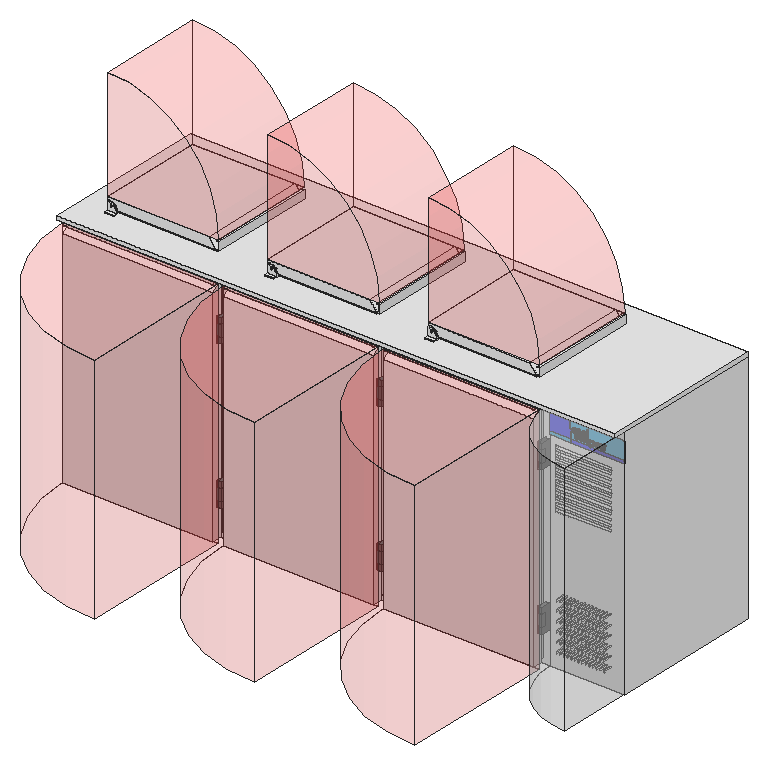
Revit family "QF_Cool-Compact_Abfallkuehler_3x120L_ZK", category Sonderausstattung, Revit 2020
Family settings
  Bemaßung runder Anschluss = Durchmesser verwenden
  Teiletyp = Normal
  OmniClass-Nummer = 23.70.30.21.11
  OmniClass-Titel = Complete Solid Waste Removal Systems
  Arbeitsebenenbasiert = Nein
  Immer vertikal = Ja
  Beim Laden mit Abzugskörper schneiden = Nein
  Gemeinsam genutzt = Nein
  Raumberechnungspunkt = Nein
Parameters (values of type "1NAC / 230 V / 50 Hz")
  Zuleitung zum Gerät im Lieferumfang = yes
  Vorgabe-Ansicht = 0 mm
  URL = "https://www.coolcompact.de/"
  Tiefe = 720 mm
  Stecker System = "Schuko / T13"
  Spannung = 230 V
  Phasen = 1
  Notwendige Abstände anzeigen [instance] = yes
  Modell = "AKO031200"
  Länge Gerätebreite = 2400 mm
  Logo anzeigen [instance] = yes
  Kälteleistung = 322 W
  Kälte Verdampfungstemperatur = -15 °C
  Kälte Tauwasserablauf = yes
  Kälte Klimaklasse = "5"
  Kälte Abmessung Saugleitung = 8 mm
  Kälte Abmessung Flüssigkeitsleitung = 6 mm
  Indirekter Abwasserstrom = 0.0 L/s
  Indirekte Ablaufanschlussgröße = 19.1 mm
  Höhe = 1030 mm
  Hersteller = "Cool Compact"
  Gewicht = 185.00 kg
  Frequenz = 50 Hz
  Watt Leistung = 120 W
  Datenschnittstelle Beschreibung = "RS 485"
  Datenschnittstelle = yes
  CE Kennzeichnung = yes
  Beschreibung = "Konfiskatkühler (3 x 120 Liter), zentralgekühlt"
  Assembly Code = ""
  Keynote = ""
  Anzahl der Pole = 1
  Abwassertemperatur = 5 °C
Reference planes
  plane 1 "Hinten": y = 0
  plane 2 "Unten": z = 0
  plane 3 "Links": x = 0
  plane 4 "Vorne": y = -720
  plane 5 "Oben": z = 1030
  plane 6 "Rechts": x = 2400
  plane 7 "Mitte (Vorne/hinten)": y = -360
  plane 8 "Mitte (Links/rechts)": x = 1200
Forms (mm)
  Extrusion 1, solid
    sketch origin (0, 140.974, 0) x (1, 0, 0) y (0, 1, 0)
      loop
        line (0, -860.974) -> (2400, -860.974) -> (2400, -140.974) -> (0, -140.974) -> (0, -860.974)
    from 1014 to 1030
  Extrusion 2, solid, material "QF_Plastic-Royal Blue-Matte", visible <- "Logo anzeigen", detail levels fine
    sketch origin (2226.68, -666, 3961.9) x (-1, 0, 0) y (0, 0, 1)
      loop
        line (-173.32, -2980) -> (-173.32, -3056.995) -> (-29.837, -3056.995) -> (-29.837, -3046.791)
        spline (-29.837, -3046.791) -> (-30.186, -3047.048) -> (-30.544, -3047.282) -> (-30.909, -3047.494) -> (-31.283, -3047.683) -> (-31.665, -3047.849) -> (-32.055, -3047.993) -> (-32.455, -3048.115) -> (-32.863, -3048.214) -> (-33.28, -3048.291) -> (-33.707, -3048.346) -> (-34.144, -3048.379) -> (-34.59, -3048.39)
        spline (-34.59, -3048.39) -> (-35.779, -3048.31) -> (-36.911, -3048.077) -> (-37.975, -3047.7) -> (-38.964, -3047.187) -> (-39.868, -3046.548) -> (-40.68, -3045.792) -> (-41.391, -3044.929) -> (-41.991, -3043.967) -> (-42.473, -3042.915) -> (-42.828, -3041.783) -> (-43.047, -3040.58) -> (-43.122, -3039.314)
        spline (-43.122, -3039.314) -> (-43.049, -3037.971) -> (-42.835, -3036.699) -> (-42.487, -3035.507) -> (-42.014, -3034.404) -> (-41.422, -3033.398) -> (-40.721, -3032.499) -> (-39.916, -3031.714) -> (-39.018, -3031.053) -> (-38.032, -3030.523) -> (-36.966, -3030.134) -> (-35.829, -3029.895) -> (-34.628, -3029.813)
        spline (-34.628, -3029.813) -> (-34.163, -3029.823) -> (-33.712, -3029.854) -> (-33.274, -3029.906) -> (-32.848, -3029.98) -> (-32.434, -3030.075) -> (-32.032, -3030.191) -> (-31.641, -3030.329) -> (-31.261, -3030.489) -> (-30.891, -3030.672) -> (-30.53, -3030.876) -> (-30.179, -3031.104) -> (-29.837, -3031.354)
        line (-29.837, -3031.354) -> (-29.837, -3030.2) -> (-25.437, -3030.2) -> (-25.437, -3056.995) -> (58.738, -3056.995)
        arc (58.738, -3056.995) -> (61.207, -3018.528) -> (62.398, -2980) r 1161.123
        line (62.398, -2980) -> (-173.32, -2980)
      loop
        spline (43.108, -3007.333) -> (42.605, -3007.343) -> (42.121, -3007.374) -> (41.652, -3007.426) -> (41.195, -3007.5) -> (40.749, -3007.597) -> (40.31, -3007.717) -> (39.877, -3007.862) -> (39.446, -3008.032) -> (39.016, -3008.227) -> (38.584, -3008.449) -> (38.147, -3008.698) -> (37.704, -3008.976)
        line (37.704, -3008.976) -> (38.75, -3013.854)
        spline (38.75, -3013.854) -> (39.151, -3013.43) -> (39.534, -3013.055) -> (39.901, -3012.726) -> (40.257, -3012.441) -> (40.607, -3012.199) -> (40.954, -3011.995) -> (41.303, -3011.829) -> (41.658, -3011.699) -> (42.023, -3011.601) -> (42.403, -3011.534) -> (42.801, -3011.495) -> (43.222, -3011.483)
        spline (43.222, -3011.483) -> (43.897, -3011.528) -> (44.539, -3011.659) -> (45.142, -3011.872) -> (45.703, -3012.16) -> (46.216, -3012.52) -> (46.677, -3012.946) -> (47.079, -3013.432) -> (47.42, -3013.974) -> (47.693, -3014.566) -> (47.895, -3015.203) -> (48.019, -3015.881) -> (48.061, -3016.594)
        spline (48.061, -3016.594) -> (48.019, -3017.296) -> (47.896, -3017.968) -> (47.696, -3018.602) -> (47.426, -3019.193) -> (47.09, -3019.736) -> (46.694, -3020.224) -> (46.242, -3020.653) -> (45.741, -3021.017) -> (45.194, -3021.309) -> (44.609, -3021.525) -> (43.988, -3021.659) -> (43.339, -3021.705)
        spline (43.339, -3021.705) -> (42.883, -3021.692) -> (42.455, -3021.652) -> (42.051, -3021.583) -> (41.664, -3021.481) -> (41.291, -3021.344) -> (40.926, -3021.17) -> (40.565, -3020.956) -> (40.202, -3020.698) -> (39.834, -3020.396) -> (39.454, -3020.045) -> (39.058, -3019.644) -> (38.641, -3019.189)
        line (38.641, -3019.189) -> (37.599, -3024.064)
        spline (37.599, -3024.064) -> (38.113, -3024.377) -> (38.604, -3024.655) -> (39.076, -3024.901) -> (39.535, -3025.116) -> (39.983, -3025.3) -> (40.425, -3025.455) -> (40.865, -3025.582) -> (41.308, -3025.684) -> (41.757, -3025.761) -> (42.217, -3025.814) -> (42.691, -3025.844) -> (43.185, -3025.854)
        spline (43.185, -3025.854) -> (44.468, -3025.772) -> (45.694, -3025.53) -> (46.852, -3025.141) -> (47.932, -3024.613) -> (48.924, -3023.957) -> (49.816, -3023.183) -> (50.6, -3022.301) -> (51.264, -3021.322) -> (51.799, -3020.255) -> (52.193, -3019.111) -> (52.438, -3017.901) -> (52.521, -3016.633)
        spline (52.521, -3016.633) -> (52.439, -3015.336) -> (52.197, -3014.103) -> (51.805, -3012.943) -> (51.273, -3011.866) -> (50.611, -3010.88) -> (49.827, -3009.995) -> (48.931, -3009.221) -> (47.933, -3008.566) -> (46.842, -3008.041) -> (45.668, -3007.654) -> (44.42, -3007.415) -> (43.108, -3007.333)
      loop
        spline (31.356, -3029.852) -> (30.854, -3029.862) -> (30.369, -3029.892) -> (29.9, -3029.944) -> (29.444, -3030.018) -> (28.998, -3030.115) -> (28.559, -3030.235) -> (28.126, -3030.38) -> (27.696, -3030.549) -> (27.266, -3030.745) -> (26.834, -3030.967) -> (26.398, -3031.216) -> (25.955, -3031.494)
        line (25.955, -3031.494) -> (27.005, -3036.387)
        spline (27.005, -3036.387) -> (27.406, -3035.963) -> (27.788, -3035.588) -> (28.155, -3035.26) -> (28.511, -3034.975) -> (28.86, -3034.733) -> (29.207, -3034.53) -> (29.555, -3034.364) -> (29.91, -3034.234) -> (30.275, -3034.136) -> (30.654, -3034.069) -> (31.051, -3034.03) -> (31.471, -3034.018)
        spline (31.471, -3034.018) -> (32.145, -3034.063) -> (32.785, -3034.194) -> (33.388, -3034.406) -> (33.948, -3034.694) -> (34.46, -3035.054) -> (34.919, -3035.478) -> (35.322, -3035.964) -> (35.662, -3036.505) -> (35.934, -3037.096) -> (36.135, -3037.732) -> (36.26, -3038.409) -> (36.302, -3039.121)
        spline (36.302, -3039.121) -> (36.26, -3039.822) -> (36.136, -3040.492) -> (35.937, -3041.125) -> (35.667, -3041.715) -> (35.332, -3042.257) -> (34.936, -3042.744) -> (34.486, -3043.173) -> (33.985, -3043.536) -> (33.44, -3043.828) -> (32.855, -3044.043) -> (32.236, -3044.177) -> (31.588, -3044.223)
        spline (31.588, -3044.223) -> (31.133, -3044.21) -> (30.706, -3044.17) -> (30.302, -3044.101) -> (29.916, -3043.999) -> (29.543, -3043.863) -> (29.179, -3043.689) -> (28.818, -3043.475) -> (28.456, -3043.218) -> (28.088, -3042.916) -> (27.709, -3042.566) -> (27.314, -3042.165) -> (26.898, -3041.711)
        line (26.898, -3041.711) -> (25.852, -3046.601)
        spline (25.852, -3046.601) -> (26.365, -3046.914) -> (26.856, -3047.192) -> (27.328, -3047.438) -> (27.786, -3047.652) -> (28.233, -3047.836) -> (28.675, -3047.991) -> (29.115, -3048.118) -> (29.557, -3048.22) -> (30.006, -3048.296) -> (30.466, -3048.349) -> (30.94, -3048.38) -> (31.433, -3048.39)
        spline (31.433, -3048.39) -> (32.718, -3048.307) -> (33.945, -3048.066) -> (35.105, -3047.676) -> (36.186, -3047.147) -> (37.178, -3046.49) -> (38.072, -3045.716) -> (38.856, -3044.833) -> (39.521, -3043.853) -> (40.056, -3042.785) -> (40.451, -3041.64) -> (40.695, -3040.429) -> (40.779, -3039.16)
        spline (40.779, -3039.16) -> (40.696, -3037.862) -> (40.454, -3036.628) -> (40.062, -3035.467) -> (39.53, -3034.388) -> (38.867, -3033.402) -> (38.082, -3032.516) -> (37.185, -3031.741) -> (36.186, -3031.086) -> (35.095, -3030.56) -> (33.919, -3030.173) -> (32.67, -3029.933) -> (31.356, -3029.852)
      loop
        line (-13.25, -3047.925) -> (-8.85, -3047.925) -> (-8.85, -3037.572)
        spline (-8.85, -3037.572) -> (-8.819, -3036.747) -> (-8.732, -3036.058) -> (-8.598, -3035.495) -> (-8.425, -3035.044) -> (-8.224, -3034.692) -> (-8.003, -3034.428) -> (-7.772, -3034.239) -> (-7.538, -3034.112) -> (-7.312, -3034.035) -> (-7.103, -3033.996) -> (-6.919, -3033.981) -> (-6.77, -3033.979)
        spline (-6.77, -3033.979) -> (-6.526, -3033.989) -> (-6.289, -3034.019) -> (-6.059, -3034.069) -> (-5.837, -3034.137) -> (-5.626, -3034.222) -> (-5.426, -3034.325) -> (-5.238, -3034.445) -> (-5.064, -3034.58) -> (-4.904, -3034.731) -> (-4.761, -3034.896) -> (-4.634, -3035.075) -> (-4.525, -3035.267)
        line (-4.525, -3035.267) -> (-4.032, -3038.346) -> (-4.032, -3047.925) -> (0.367, -3047.925) -> (0.367, -3030.2) -> (-4.032, -3030.2) -> (-4.032, -3031.183)
        arc (-4.032, -3031.183) -> (-7.959, -3029.818) -> (-11.613, -3031.801) r 5.147
        spline (-11.613, -3031.801) -> (-11.907, -3031.488) -> (-12.22, -3031.201) -> (-12.551, -3030.94) -> (-12.9, -3030.706) -> (-13.268, -3030.498) -> (-13.652, -3030.318) -> (-14.054, -3030.165) -> (-14.471, -3030.038) -> (-14.905, -3029.94) -> (-15.355, -3029.869) -> (-15.819, -3029.827) -> (-16.298, -3029.813)
        spline (-16.298, -3029.813) -> (-16.829, -3029.832) -> (-17.347, -3029.891) -> (-17.85, -3029.987) -> (-18.335, -3030.12) -> (-18.8, -3030.288) -> (-19.244, -3030.49) -> (-19.665, -3030.726) -> (-20.059, -3030.994) -> (-20.425, -3031.293) -> (-20.761, -3031.623) -> (-21.065, -3031.981) -> (-21.335, -3032.367)
        spline (-21.335, -3032.367) -> (-21.507, -3032.665) -> (-21.661, -3032.97) -> (-21.799, -3033.285) -> (-21.92, -3033.612) -> (-22.025, -3033.954) -> (-22.115, -3034.311) -> (-22.189, -3034.687) -> (-22.249, -3035.083) -> (-22.295, -3035.501) -> (-22.327, -3035.944) -> (-22.346, -3036.414) -> (-22.352, -3036.912)
        line (-22.352, -3036.912) -> (-22.352, -3047.925) -> (-17.954, -3047.925) -> (-17.954, -3037.338)
        spline (-17.954, -3037.338) -> (-17.935, -3036.62) -> (-17.879, -3036.011) -> (-17.789, -3035.503) -> (-17.668, -3035.087) -> (-17.517, -3034.754) -> (-17.341, -3034.494) -> (-17.14, -3034.299) -> (-16.919, -3034.16) -> (-16.679, -3034.067) -> (-16.423, -3034.012) -> (-16.154, -3033.986) -> (-15.874, -3033.979)
        spline (-15.874, -3033.979) -> (-15.55, -3033.991) -> (-15.229, -3034.033) -> (-14.916, -3034.115) -> (-14.617, -3034.246) -> (-14.335, -3034.436) -> (-14.076, -3034.693) -> (-13.843, -3035.028) -> (-13.642, -3035.45) -> (-13.478, -3035.967) -> (-13.355, -3036.591) -> (-13.277, -3037.329) -> (-13.25, -3038.191)
        line (-13.25, -3038.191) -> (-13.25, -3047.925)
      loop
        spline (-29.643, -3039.237) -> (-29.681, -3038.483) -> (-29.794, -3037.773) -> (-29.978, -3037.11) -> (-30.228, -3036.498) -> (-30.542, -3035.943) -> (-30.916, -3035.447) -> (-31.345, -3035.017) -> (-31.827, -3034.655) -> (-32.358, -3034.365) -> (-32.933, -3034.154) -> (-33.549, -3034.024) -> (-34.203, -3033.979)
        spline (-34.203, -3033.979) -> (-34.84, -3034.024) -> (-35.44, -3034.155) -> (-36.001, -3034.368) -> (-36.517, -3034.659) -> (-36.987, -3035.024) -> (-37.405, -3035.458) -> (-37.769, -3035.957) -> (-38.075, -3036.516) -> (-38.319, -3037.132) -> (-38.498, -3037.8) -> (-38.608, -3038.516) -> (-38.646, -3039.275)
        spline (-38.646, -3039.275) -> (-38.606, -3039.955) -> (-38.491, -3040.605) -> (-38.305, -3041.218) -> (-38.053, -3041.791) -> (-37.739, -3042.316) -> (-37.37, -3042.789) -> (-36.949, -3043.204) -> (-36.481, -3043.556) -> (-35.972, -3043.84) -> (-35.425, -3044.049) -> (-34.847, -3044.178) -> (-34.241, -3044.223)
        spline (-34.241, -3044.223) -> (-33.591, -3044.18) -> (-32.976, -3044.054) -> (-32.399, -3043.85) -> (-31.865, -3043.572) -> (-31.378, -3043.225) -> (-30.943, -3042.813) -> (-30.563, -3042.341) -> (-30.243, -3041.813) -> (-29.987, -3041.235) -> (-29.798, -3040.609) -> (-29.682, -3039.942) -> (-29.643, -3039.237)
      loop
        line (-16.436, -3025.538) -> (-12.038, -3025.538) -> (-12.038, -2995.65) -> (-16.436, -2995.65) -> (-16.436, -3025.538)
      loop
        line (-63.114, -3047.925) -> (-58.715, -3047.925) -> (-58.715, -3046.834)
        spline (-58.715, -3046.834) -> (-58.375, -3047.087) -> (-58.026, -3047.317) -> (-57.669, -3047.523) -> (-57.301, -3047.707) -> (-56.924, -3047.869) -> (-56.536, -3048.009) -> (-56.137, -3048.126) -> (-55.727, -3048.222) -> (-55.305, -3048.296) -> (-54.87, -3048.348) -> (-54.422, -3048.38) -> (-53.961, -3048.39)
        spline (-53.961, -3048.39) -> (-52.772, -3048.308) -> (-51.64, -3048.068) -> (-50.576, -3047.679) -> (-49.588, -3047.151) -> (-48.683, -3046.493) -> (-47.871, -3045.715) -> (-47.161, -3044.826) -> (-46.56, -3043.835) -> (-46.078, -3042.752) -> (-45.724, -3041.586) -> (-45.504, -3040.346) -> (-45.429, -3039.043)
        spline (-45.429, -3039.043) -> (-45.503, -3037.738) -> (-45.718, -3036.502) -> (-46.067, -3035.345) -> (-46.543, -3034.273) -> (-47.137, -3033.296) -> (-47.841, -3032.422) -> (-48.649, -3031.66) -> (-49.552, -3031.017) -> (-50.543, -3030.503) -> (-51.613, -3030.125) -> (-52.755, -3029.892) -> (-53.961, -3029.813)
        spline (-53.961, -3029.813) -> (-54.417, -3029.823) -> (-54.861, -3029.855) -> (-55.292, -3029.907) -> (-55.712, -3029.981) -> (-56.121, -3030.077) -> (-56.519, -3030.195) -> (-56.907, -3030.334) -> (-57.286, -3030.496) -> (-57.655, -3030.681) -> (-58.017, -3030.888) -> (-58.37, -3031.118) -> (-58.715, -3031.371)
        line (-58.715, -3031.371) -> (-58.715, -3030.2) -> (-63.114, -3030.2) -> (-63.114, -3047.925)
      loop
        spline (-69.9, -3039.121) -> (-69.942, -3039.822) -> (-70.066, -3040.492) -> (-70.265, -3041.125) -> (-70.535, -3041.715) -> (-70.87, -3042.257) -> (-71.266, -3042.744) -> (-71.717, -3043.173) -> (-72.218, -3043.536) -> (-72.763, -3043.828) -> (-73.348, -3044.043) -> (-73.967, -3044.177) -> (-74.615, -3044.223)
        spline (-74.615, -3044.223) -> (-75.07, -3044.21) -> (-75.498, -3044.17) -> (-75.902, -3044.101) -> (-76.288, -3043.999) -> (-76.661, -3043.863) -> (-77.025, -3043.689) -> (-77.386, -3043.475) -> (-77.748, -3043.218) -> (-78.116, -3042.916) -> (-78.495, -3042.566) -> (-78.89, -3042.165) -> (-79.305, -3041.711)
        line (-79.305, -3041.711) -> (-80.363, -3046.597)
        spline (-80.363, -3046.597) -> (-79.848, -3046.91) -> (-79.356, -3047.19) -> (-78.882, -3047.436) -> (-78.423, -3047.65) -> (-77.975, -3047.835) -> (-77.532, -3047.99) -> (-77.091, -3048.118) -> (-76.648, -3048.219) -> (-76.198, -3048.296) -> (-75.738, -3048.349) -> (-75.263, -3048.38) -> (-74.769, -3048.39)
        spline (-74.769, -3048.39) -> (-73.484, -3048.307) -> (-72.257, -3048.066) -> (-71.098, -3047.676) -> (-70.017, -3047.147) -> (-69.025, -3046.49) -> (-68.131, -3045.716) -> (-67.347, -3044.833) -> (-66.682, -3043.853) -> (-66.147, -3042.785) -> (-65.752, -3041.64) -> (-65.507, -3040.429) -> (-65.424, -3039.16)
        spline (-65.424, -3039.16) -> (-65.506, -3037.862) -> (-65.749, -3036.628) -> (-66.141, -3035.467) -> (-66.673, -3034.388) -> (-67.336, -3033.402) -> (-68.121, -3032.516) -> (-69.017, -3031.741) -> (-70.016, -3031.086) -> (-71.108, -3030.56) -> (-72.284, -3030.173) -> (-73.533, -3029.933) -> (-74.847, -3029.852)
        spline (-74.847, -3029.852) -> (-75.35, -3029.862) -> (-75.835, -3029.892) -> (-76.304, -3029.944) -> (-76.762, -3030.018) -> (-77.208, -3030.115) -> (-77.647, -3030.236) -> (-78.081, -3030.38) -> (-78.512, -3030.55) -> (-78.942, -3030.746) -> (-79.375, -3030.968) -> (-79.812, -3031.218) -> (-80.256, -3031.496)
        line (-80.256, -3031.496) -> (-79.199, -3036.387)
        spline (-79.199, -3036.387) -> (-78.798, -3035.963) -> (-78.415, -3035.588) -> (-78.048, -3035.26) -> (-77.692, -3034.975) -> (-77.343, -3034.733) -> (-76.996, -3034.53) -> (-76.647, -3034.364) -> (-76.293, -3034.234) -> (-75.928, -3034.136) -> (-75.549, -3034.069) -> (-75.152, -3034.03) -> (-74.731, -3034.018)
        spline (-74.731, -3034.018) -> (-74.058, -3034.063) -> (-73.417, -3034.194) -> (-72.814, -3034.406) -> (-72.255, -3034.694) -> (-71.742, -3035.054) -> (-71.283, -3035.478) -> (-70.881, -3035.964) -> (-70.541, -3036.505) -> (-70.268, -3037.096) -> (-70.067, -3037.732) -> (-69.943, -3038.409) -> (-69.9, -3039.121)
      loop
        spline (-49.905, -3038.927) -> (-49.945, -3038.247) -> (-50.06, -3037.597) -> (-50.246, -3036.983) -> (-50.499, -3036.411) -> (-50.812, -3035.886) -> (-51.182, -3035.413) -> (-51.603, -3034.998) -> (-52.071, -3034.646) -> (-52.58, -3034.363) -> (-53.127, -3034.153) -> (-53.705, -3034.024) -> (-54.311, -3033.98)
        spline (-54.311, -3033.98) -> (-54.97, -3034.022) -> (-55.591, -3034.145) -> (-56.171, -3034.346) -> (-56.706, -3034.62) -> (-57.192, -3034.963) -> (-57.625, -3035.372) -> (-58.001, -3035.841) -> (-58.318, -3036.368) -> (-58.57, -3036.948) -> (-58.756, -3037.577) -> (-58.869, -3038.251) -> (-58.908, -3038.965)
        spline (-58.908, -3038.965) -> (-58.871, -3039.74) -> (-58.763, -3040.464) -> (-58.585, -3041.134) -> (-58.342, -3041.748) -> (-58.035, -3042.302) -> (-57.667, -3042.792) -> (-57.242, -3043.215) -> (-56.762, -3043.569) -> (-56.23, -3043.85) -> (-55.649, -3044.055) -> (-55.021, -3044.18) -> (-54.349, -3044.222)
        spline (-54.349, -3044.222) -> (-53.721, -3044.177) -> (-53.126, -3044.043) -> (-52.568, -3043.827) -> (-52.052, -3043.531) -> (-51.582, -3043.163) -> (-51.161, -3042.725) -> (-50.794, -3042.224) -> (-50.485, -3041.664) -> (-50.237, -3041.049) -> (-50.056, -3040.384) -> (-49.944, -3039.675) -> (-49.905, -3038.927)
      loop
        line (-89.34, -3024.389) -> (-89.34, -3030.201) -> (-92.207, -3030.201) -> (-92.207, -3034.405) -> (-89.34, -3034.405) -> (-89.34, -3047.925) -> (-84.941, -3047.925) -> (-84.941, -3034.405) -> (-83.276, -3034.405) -> (-83.276, -3030.201) -> (-84.941, -3030.201) -> (-84.941, -3024.389) -> (-89.34, -3024.389)
      loop
        line (-0.47, -3016.17) -> (-4.085, -3018.216) -> (-7.468, -3016.556) -> (-8.42, -3017.907) -> (-5.826, -3019.178) -> (-8.549, -3020.718) -> (-7.462, -3022.348) -> (-4.845, -3020.794) -> (-4.959, -3023.833) -> (-3.404, -3023.315) -> (-3.131, -3019.74) -> (0.289, -3017.703) -> (0.289, -3021.729) -> (-2.873, -3023.815) -> (-2.217, -3025.325) -> (0.279, -3023.69) -> (0.224, -3026.839) -> (2.028, -3026.839) -> (1.974, -3023.69) -> (4.47, -3025.326) -> (5.123, -3023.815) -> (1.964, -3021.729) -> (1.964, -3017.705) -> (5.355, -3019.74) -> (5.657, -3023.317) -> (7.21, -3023.833) -> (7.096, -3020.794) -> (9.72, -3022.352) -> (10.765, -3020.714) -> (8.051, -3019.179) -> (10.674, -3017.908) -> (9.721, -3016.556) -> (6.337, -3018.216) -> (2.724, -3016.17) -> (6.338, -3014.147) -> (9.723, -3015.779) -> (10.675, -3014.423) -> (8.052, -3013.18) -> (10.767, -3011.616) -> (9.717, -3010.015) -> (7.096, -3011.572) -> (7.21, -3008.502) -> (5.657, -3009.019) -> (5.355, -3012.625) -> (1.964, -3014.66) -> (1.964, -3010.634) -> (5.123, -3008.518) -> (4.47, -3007.01) -> (1.974, -3008.646) -> (2.028, -3005.497) -> (0.224, -3005.497) -> (0.279, -3008.646) -> (-2.217, -3007.01) -> (-2.872, -3008.518) -> (0.289, -3010.634) -> (0.289, -3014.661) -> (-3.131, -3012.625) -> (-3.404, -3009.02) -> (-4.959, -3008.502) -> (-4.845, -3011.572) -> (-7.459, -3010.018) -> (-8.553, -3011.612) -> (-5.826, -3013.182) -> (-8.424, -3014.425) -> (-7.471, -3015.779) -> (-4.085, -3014.147) -> (-0.47, -3016.17)
      loop
        line (13.639, -3031.033) -> (13.695, -3027.883) -> (11.889, -3027.883) -> (11.943, -3031.033) -> (9.448, -3029.398) -> (8.793, -3030.904) -> (11.955, -3033.02) -> (11.955, -3037.048) -> (8.534, -3035.011) -> (8.263, -3031.406) -> (6.707, -3030.887) -> (6.823, -3033.957) -> (4.208, -3032.406) -> (3.115, -3033.999) -> (5.84, -3035.568) -> (3.243, -3036.812) -> (4.196, -3038.164) -> (7.58, -3036.534) -> (11.193, -3038.556) -> (7.58, -3040.603) -> (4.196, -3038.941) -> (3.246, -3040.295) -> (5.84, -3041.564) -> (3.117, -3043.105) -> (4.203, -3044.735) -> (6.82, -3043.18) -> (6.707, -3046.219) -> (8.263, -3045.703) -> (8.534, -3042.127) -> (11.955, -3040.09) -> (11.955, -3044.116) -> (8.793, -3046.202) -> (9.448, -3047.712) -> (11.943, -3046.075) -> (11.889, -3049.225) -> (13.695, -3049.225) -> (13.639, -3046.075) -> (16.136, -3047.712) -> (16.788, -3046.202) -> (13.629, -3044.116) -> (13.629, -3040.092) -> (17.021, -3042.127) -> (17.324, -3045.703) -> (18.875, -3046.219) -> (18.763, -3043.18) -> (21.386, -3044.739) -> (22.43, -3043.101) -> (19.717, -3041.565) -> (22.339, -3040.295) -> (21.387, -3038.941) -> (18.002, -3040.603) -> (14.39, -3038.556) -> (18.003, -3036.534) -> (21.388, -3038.164) -> (22.342, -3036.81) -> (19.717, -3035.567) -> (22.433, -3034.002) -> (21.381, -3032.402) -> (18.763, -3033.957) -> (18.875, -3030.887) -> (17.324, -3031.406) -> (17.021, -3035.011) -> (13.629, -3037.046) -> (13.629, -3033.02) -> (16.788, -3030.904) -> (16.136, -3029.398) -> (13.639, -3031.033)
      loop
        line (25.295, -3021.729) -> (25.295, -3017.704) -> (28.686, -3019.74) -> (28.991, -3023.317) -> (30.542, -3023.833) -> (30.428, -3020.794) -> (33.051, -3022.352) -> (34.098, -3020.715) -> (31.383, -3019.18) -> (34.005, -3017.908) -> (33.052, -3016.556) -> (29.668, -3018.216) -> (26.055, -3016.17) -> (29.668, -3014.147) -> (33.055, -3015.779) -> (34.007, -3014.424) -> (31.384, -3013.18) -> (34.099, -3011.616) -> (33.047, -3010.015) -> (30.427, -3011.572) -> (30.542, -3008.502) -> (28.99, -3009.02) -> (28.686, -3012.625) -> (25.295, -3014.66) -> (25.295, -3010.634) -> (28.454, -3008.517) -> (27.802, -3007.01) -> (25.305, -3008.646) -> (25.361, -3005.497) -> (23.555, -3005.497) -> (23.609, -3008.646) -> (21.113, -3007.01) -> (20.46, -3008.517) -> (23.621, -3010.634) -> (23.621, -3014.661) -> (20.201, -3012.625) -> (19.927, -3009.02) -> (18.374, -3008.502) -> (18.486, -3011.572) -> (15.874, -3010.018) -> (14.779, -3011.612) -> (17.506, -3013.182) -> (14.909, -3014.424) -> (15.863, -3015.779) -> (19.245, -3014.147) -> (22.861, -3016.17) -> (19.245, -3018.216) -> (15.864, -3016.556) -> (14.911, -3017.907) -> (17.506, -3019.178) -> (14.782, -3020.718) -> (15.869, -3022.349) -> (18.486, -3020.794) -> (18.374, -3023.833) -> (19.927, -3023.315) -> (20.201, -3019.74) -> (23.621, -3017.703) -> (23.621, -3021.729) -> (20.46, -3023.815) -> (21.113, -3025.326) -> (23.609, -3023.69) -> (23.555, -3026.839) -> (25.361, -3026.839) -> (25.305, -3023.69) -> (27.803, -3025.326) -> (28.456, -3023.815) -> (25.295, -3021.729)
    from 0 to 1
  Extrusion 3, solid, material "QF_Plastic-Blue", visible <- "Logo anzeigen", detail levels fine
    sketch origin (2226.68, -666, 3961.9) x (-1, 0, 0) y (0, 0, 1)
      loop
        line (58.738, -3056.995) -> (-173.32, -3056.995) -> (-173.32, -3068.586) -> (57.742, -3068.586)
        arc (57.742, -3068.586) -> (58.254, -3062.791) -> (58.738, -3056.995) r 1161.123
    from 0 to 1
  Extrusion 4, solid, material "QF_Plastic-Blue", visible <- "Logo anzeigen", detail levels fine
    sketch origin (2226.68, -666, 3961.9) x (1, 0, 0) y (0, 0, 1)
      loop
        line (-62.398, -2980) -> (-146.68, -2980) -> (-146.68, -3056.995) -> (-58.738, -3056.995)
        arc (-58.738, -3056.995) -> (-61.207, -3018.528) -> (-62.398, -2980) r 1161.123
    from -1 to 0
  Extrusion 5, solid, material "QF_Plastic-Opaque White", visible <- "Logo anzeigen", detail levels fine
    sketch origin (2226.68, -666, 3961.9) x (-1, 0, 0) y (0, 0, 1)
      loop
        line (37.704, -3008.976) -> (38.75, -3013.854)
        spline (38.75, -3013.854) -> (39.151, -3013.43) -> (39.534, -3013.055) -> (39.901, -3012.726) -> (40.257, -3012.441) -> (40.607, -3012.199) -> (40.954, -3011.995) -> (41.303, -3011.829) -> (41.658, -3011.699) -> (42.023, -3011.601) -> (42.403, -3011.534) -> (42.801, -3011.495) -> (43.222, -3011.483)
        spline (43.222, -3011.483) -> (43.897, -3011.528) -> (44.539, -3011.659) -> (45.142, -3011.872) -> (45.703, -3012.16) -> (46.216, -3012.52) -> (46.677, -3012.946) -> (47.079, -3013.432) -> (47.42, -3013.974) -> (47.693, -3014.566) -> (47.895, -3015.203) -> (48.019, -3015.881) -> (48.061, -3016.594)
        spline (48.061, -3016.594) -> (48.019, -3017.296) -> (47.896, -3017.968) -> (47.696, -3018.602) -> (47.426, -3019.193) -> (47.09, -3019.736) -> (46.694, -3020.224) -> (46.242, -3020.653) -> (45.741, -3021.017) -> (45.194, -3021.309) -> (44.609, -3021.525) -> (43.988, -3021.659) -> (43.339, -3021.705)
        spline (43.339, -3021.705) -> (42.883, -3021.692) -> (42.455, -3021.652) -> (42.051, -3021.583) -> (41.664, -3021.481) -> (41.291, -3021.344) -> (40.926, -3021.17) -> (40.565, -3020.956) -> (40.202, -3020.698) -> (39.834, -3020.396) -> (39.454, -3020.045) -> (39.058, -3019.644) -> (38.641, -3019.189)
        line (38.641, -3019.189) -> (37.599, -3024.064)
        spline (37.599, -3024.064) -> (38.113, -3024.377) -> (38.604, -3024.655) -> (39.076, -3024.901) -> (39.535, -3025.116) -> (39.983, -3025.3) -> (40.425, -3025.455) -> (40.865, -3025.582) -> (41.308, -3025.684) -> (41.757, -3025.761) -> (42.217, -3025.814) -> (42.691, -3025.844) -> (43.185, -3025.854)
        spline (43.185, -3025.854) -> (44.468, -3025.772) -> (45.694, -3025.53) -> (46.852, -3025.141) -> (47.932, -3024.613) -> (48.924, -3023.957) -> (49.816, -3023.183) -> (50.6, -3022.301) -> (51.264, -3021.322) -> (51.799, -3020.255) -> (52.193, -3019.111) -> (52.438, -3017.901) -> (52.521, -3016.633)
        spline (52.521, -3016.633) -> (52.439, -3015.336) -> (52.197, -3014.103) -> (51.805, -3012.943) -> (51.273, -3011.866) -> (50.611, -3010.88) -> (49.827, -3009.995) -> (48.931, -3009.221) -> (47.933, -3008.566) -> (46.842, -3008.041) -> (45.668, -3007.654) -> (44.42, -3007.415) -> (43.108, -3007.333)
        spline (43.108, -3007.333) -> (42.605, -3007.343) -> (42.121, -3007.374) -> (41.652, -3007.426) -> (41.195, -3007.5) -> (40.749, -3007.597) -> (40.31, -3007.717) -> (39.877, -3007.862) -> (39.446, -3008.032) -> (39.016, -3008.227) -> (38.584, -3008.449) -> (38.147, -3008.698) -> (37.704, -3008.976)
      loop
        line (30.427, -3011.572) -> (30.542, -3008.502) -> (28.99, -3009.02) -> (28.686, -3012.625) -> (25.295, -3014.66) -> (25.295, -3010.634) -> (28.454, -3008.517) -> (27.802, -3007.01) -> (25.305, -3008.646) -> (25.361, -3005.497) -> (23.555, -3005.497) -> (23.609, -3008.646) -> (21.113, -3007.01) -> (20.46, -3008.517) -> (23.621, -3010.634) -> (23.621, -3014.661) -> (20.201, -3012.625) -> (19.927, -3009.02) -> (18.374, -3008.502) -> (18.486, -3011.572) -> (15.874, -3010.018) -> (14.779, -3011.612) -> (17.506, -3013.182) -> (14.909, -3014.424) -> (15.863, -3015.779) -> (19.245, -3014.147) -> (22.861, -3016.17) -> (19.245, -3018.216) -> (15.864, -3016.556) -> (14.911, -3017.907) -> (17.506, -3019.178) -> (14.782, -3020.718) -> (15.869, -3022.349) -> (18.486, -3020.794) -> (18.374, -3023.833) -> (19.927, -3023.315) -> (20.201, -3019.74) -> (23.621, -3017.703) -> (23.621, -3021.729) -> (20.46, -3023.815) -> (21.113, -3025.326) -> (23.609, -3023.69) -> (23.555, -3026.839) -> (25.361, -3026.839) -> (25.305, -3023.69) -> (27.803, -3025.326) -> (28.456, -3023.815) -> (25.295, -3021.729) -> (25.295, -3017.704) -> (28.686, -3019.74) -> (28.991, -3023.317) -> (30.542, -3023.833) -> (30.428, -3020.794) -> (33.051, -3022.352) -> (34.098, -3020.715) -> (31.383, -3019.18) -> (34.005, -3017.908) -> (33.052, -3016.556) -> (29.668, -3018.216) -> (26.055, -3016.17) -> (29.668, -3014.147) -> (33.055, -3015.779) -> (34.007, -3014.424) -> (31.384, -3013.18) -> (34.099, -3011.616) -> (33.047, -3010.015) -> (30.427, -3011.572)
      loop
        line (9.448, -3029.398) -> (8.793, -3030.904) -> (11.955, -3033.02) -> (11.955, -3037.048) -> (8.534, -3035.011) -> (8.263, -3031.406) -> (6.707, -3030.887) -> (6.823, -3033.957) -> (4.208, -3032.406) -> (3.115, -3033.999) -> (5.84, -3035.568) -> (3.243, -3036.812) -> (4.196, -3038.164) -> (7.58, -3036.534) -> (11.193, -3038.556) -> (7.58, -3040.603) -> (4.196, -3038.941) -> (3.246, -3040.295) -> (5.84, -3041.564) -> (3.117, -3043.105) -> (4.203, -3044.735) -> (6.82, -3043.18) -> (6.707, -3046.219) -> (8.263, -3045.703) -> (8.534, -3042.127) -> (11.955, -3040.09) -> (11.955, -3044.116) -> (8.793, -3046.202) -> (9.448, -3047.712) -> (11.943, -3046.075) -> (11.889, -3049.225) -> (13.695, -3049.225) -> (13.639, -3046.075) -> (16.136, -3047.712) -> (16.788, -3046.202) -> (13.629, -3044.116) -> (13.629, -3040.092) -> (17.021, -3042.127) -> (17.324, -3045.703) -> (18.875, -3046.219) -> (18.763, -3043.18) -> (21.386, -3044.739) -> (22.43, -3043.101) -> (19.717, -3041.565) -> (22.339, -3040.295) -> (21.387, -3038.941) -> (18.002, -3040.603) -> (14.39, -3038.556) -> (18.003, -3036.534) -> (21.388, -3038.164) -> (22.342, -3036.81) -> (19.717, -3035.567) -> (22.433, -3034.002) -> (21.381, -3032.402) -> (18.763, -3033.957) -> (18.875, -3030.887) -> (17.324, -3031.406) -> (17.021, -3035.011) -> (13.629, -3037.046) -> (13.629, -3033.02) -> (16.788, -3030.904) -> (16.136, -3029.398) -> (13.639, -3031.033) -> (13.695, -3027.883) -> (11.889, -3027.883) -> (11.943, -3031.033) -> (9.448, -3029.398)
      loop
        line (0.289, -3021.729) -> (-2.873, -3023.815) -> (-2.217, -3025.325) -> (0.279, -3023.69) -> (0.224, -3026.839) -> (2.028, -3026.839) -> (1.974, -3023.69) -> (4.47, -3025.326) -> (5.123, -3023.815) -> (1.964, -3021.729) -> (1.964, -3017.705) -> (5.355, -3019.74) -> (5.657, -3023.317) -> (7.21, -3023.833) -> (7.096, -3020.794) -> (9.72, -3022.352) -> (10.765, -3020.714) -> (8.051, -3019.179) -> (10.674, -3017.908) -> (9.721, -3016.556) -> (6.337, -3018.216) -> (2.724, -3016.17) -> (6.338, -3014.147) -> (9.723, -3015.779) -> (10.675, -3014.423) -> (8.052, -3013.18) -> (10.767, -3011.616) -> (9.717, -3010.015) -> (7.096, -3011.572) -> (7.21, -3008.502) -> (5.657, -3009.019) -> (5.355, -3012.625) -> (1.964, -3014.66) -> (1.964, -3010.634) -> (5.123, -3008.518) -> (4.47, -3007.01) -> (1.974, -3008.646) -> (2.028, -3005.497) -> (0.224, -3005.497) -> (0.279, -3008.646) -> (-2.217, -3007.01) -> (-2.872, -3008.518) -> (0.289, -3010.634) -> (0.289, -3014.661) -> (-3.131, -3012.625) -> (-3.404, -3009.02) -> (-4.959, -3008.502) -> (-4.845, -3011.572) -> (-7.459, -3010.018) -> (-8.553, -3011.612) -> (-5.826, -3013.182) -> (-8.424, -3014.425) -> (-7.471, -3015.779) -> (-4.085, -3014.147) -> (-0.47, -3016.17) -> (-4.085, -3018.216) -> (-7.468, -3016.556) -> (-8.42, -3017.907) -> (-5.826, -3019.178) -> (-8.549, -3020.718) -> (-7.462, -3022.348) -> (-4.845, -3020.794) -> (-4.959, -3023.833) -> (-3.404, -3023.315) -> (-3.131, -3019.74) -> (0.289, -3017.703) -> (0.289, -3021.729)
      loop
        line (-12.038, -2995.65) -> (-16.436, -2995.65) -> (-16.436, -3025.538) -> (-12.038, -3025.538) -> (-12.038, -2995.65)
      loop
        line (-4.032, -3038.346) -> (-4.032, -3047.925) -> (0.367, -3047.925) -> (0.367, -3030.2) -> (-4.032, -3030.2) -> (-4.032, -3031.183)
        arc (-4.032, -3031.183) -> (-7.959, -3029.818) -> (-11.613, -3031.801) r 5.147
        spline (-11.613, -3031.801) -> (-11.907, -3031.488) -> (-12.22, -3031.201) -> (-12.551, -3030.94) -> (-12.9, -3030.706) -> (-13.268, -3030.498) -> (-13.652, -3030.318) -> (-14.054, -3030.165) -> (-14.471, -3030.038) -> (-14.905, -3029.94) -> (-15.355, -3029.869) -> (-15.819, -3029.827) -> (-16.298, -3029.813)
        spline (-16.298, -3029.813) -> (-16.829, -3029.832) -> (-17.347, -3029.891) -> (-17.85, -3029.987) -> (-18.335, -3030.12) -> (-18.8, -3030.288) -> (-19.244, -3030.49) -> (-19.665, -3030.726) -> (-20.059, -3030.994) -> (-20.425, -3031.293) -> (-20.761, -3031.623) -> (-21.065, -3031.981) -> (-21.335, -3032.367)
        spline (-21.335, -3032.367) -> (-21.507, -3032.665) -> (-21.661, -3032.97) -> (-21.799, -3033.285) -> (-21.92, -3033.612) -> (-22.025, -3033.954) -> (-22.115, -3034.311) -> (-22.189, -3034.687) -> (-22.249, -3035.083) -> (-22.295, -3035.501) -> (-22.327, -3035.944) -> (-22.346, -3036.414) -> (-22.352, -3036.912)
        line (-22.352, -3036.912) -> (-22.352, -3047.925) -> (-17.954, -3047.925) -> (-17.954, -3037.338)
        spline (-17.954, -3037.338) -> (-17.935, -3036.62) -> (-17.879, -3036.011) -> (-17.789, -3035.503) -> (-17.668, -3035.087) -> (-17.517, -3034.754) -> (-17.341, -3034.494) -> (-17.14, -3034.299) -> (-16.919, -3034.16) -> (-16.679, -3034.067) -> (-16.423, -3034.012) -> (-16.154, -3033.986) -> (-15.874, -3033.979)
        spline (-15.874, -3033.979) -> (-15.55, -3033.991) -> (-15.229, -3034.033) -> (-14.916, -3034.115) -> (-14.617, -3034.246) -> (-14.335, -3034.436) -> (-14.076, -3034.693) -> (-13.843, -3035.028) -> (-13.642, -3035.45) -> (-13.478, -3035.967) -> (-13.355, -3036.591) -> (-13.277, -3037.329) -> (-13.25, -3038.191)
        line (-13.25, -3038.191) -> (-13.25, -3047.925) -> (-8.85, -3047.925) -> (-8.85, -3037.572)
        spline (-8.85, -3037.572) -> (-8.819, -3036.747) -> (-8.732, -3036.058) -> (-8.598, -3035.495) -> (-8.425, -3035.044) -> (-8.224, -3034.692) -> (-8.003, -3034.428) -> (-7.772, -3034.239) -> (-7.538, -3034.112) -> (-7.312, -3034.035) -> (-7.103, -3033.996) -> (-6.919, -3033.981) -> (-6.77, -3033.979)
        spline (-6.77, -3033.979) -> (-6.526, -3033.989) -> (-6.289, -3034.019) -> (-6.059, -3034.069) -> (-5.837, -3034.137) -> (-5.626, -3034.222) -> (-5.426, -3034.325) -> (-5.238, -3034.445) -> (-5.064, -3034.58) -> (-4.904, -3034.731) -> (-4.761, -3034.896) -> (-4.634, -3035.075) -> (-4.525, -3035.267)
        line (-4.525, -3035.267) -> (-4.032, -3038.346)
      loop
        line (-29.837, -3046.791) -> (-29.837, -3056.99) -> (-25.437, -3056.99) -> (-25.437, -3030.2) -> (-29.837, -3030.2) -> (-29.837, -3031.354)
        spline (-29.837, -3031.354) -> (-30.179, -3031.104) -> (-30.53, -3030.876) -> (-30.891, -3030.672) -> (-31.261, -3030.489) -> (-31.641, -3030.329) -> (-32.032, -3030.191) -> (-32.434, -3030.075) -> (-32.848, -3029.98) -> (-33.274, -3029.906) -> (-33.712, -3029.854) -> (-34.163, -3029.823) -> (-34.628, -3029.813)
        spline (-34.628, -3029.813) -> (-35.829, -3029.895) -> (-36.966, -3030.134) -> (-38.032, -3030.523) -> (-39.018, -3031.053) -> (-39.916, -3031.714) -> (-40.721, -3032.499) -> (-41.422, -3033.398) -> (-42.014, -3034.404) -> (-42.487, -3035.507) -> (-42.835, -3036.699) -> (-43.049, -3037.971) -> (-43.122, -3039.314)
        spline (-43.122, -3039.314) -> (-43.047, -3040.58) -> (-42.828, -3041.783) -> (-42.473, -3042.915) -> (-41.991, -3043.967) -> (-41.391, -3044.929) -> (-40.68, -3045.792) -> (-39.868, -3046.548) -> (-38.964, -3047.187) -> (-37.975, -3047.7) -> (-36.911, -3048.077) -> (-35.779, -3048.31) -> (-34.59, -3048.39)
        spline (-34.59, -3048.39) -> (-34.144, -3048.379) -> (-33.707, -3048.346) -> (-33.28, -3048.291) -> (-32.863, -3048.214) -> (-32.455, -3048.115) -> (-32.055, -3047.993) -> (-31.665, -3047.849) -> (-31.283, -3047.683) -> (-30.909, -3047.494) -> (-30.544, -3047.282) -> (-30.186, -3047.048) -> (-29.837, -3046.791)
      loop
        spline (-34.203, -3033.979) -> (-34.84, -3034.024) -> (-35.44, -3034.155) -> (-36.001, -3034.368) -> (-36.517, -3034.659) -> (-36.987, -3035.024) -> (-37.405, -3035.458) -> (-37.769, -3035.957) -> (-38.075, -3036.516) -> (-38.319, -3037.132) -> (-38.498, -3037.8) -> (-38.608, -3038.516) -> (-38.646, -3039.275)
        spline (-38.646, -3039.275) -> (-38.606, -3039.955) -> (-38.491, -3040.605) -> (-38.305, -3041.218) -> (-38.053, -3041.791) -> (-37.739, -3042.316) -> (-37.37, -3042.789) -> (-36.949, -3043.204) -> (-36.481, -3043.556) -> (-35.972, -3043.84) -> (-35.425, -3044.049) -> (-34.847, -3044.178) -> (-34.241, -3044.223)
        spline (-34.241, -3044.223) -> (-33.591, -3044.18) -> (-32.976, -3044.054) -> (-32.399, -3043.85) -> (-31.865, -3043.572) -> (-31.378, -3043.225) -> (-30.943, -3042.813) -> (-30.563, -3042.341) -> (-30.243, -3041.813) -> (-29.987, -3041.235) -> (-29.798, -3040.609) -> (-29.682, -3039.942) -> (-29.643, -3039.237)
        spline (-29.643, -3039.237) -> (-29.681, -3038.483) -> (-29.794, -3037.773) -> (-29.978, -3037.11) -> (-30.228, -3036.498) -> (-30.542, -3035.943) -> (-30.916, -3035.447) -> (-31.345, -3035.017) -> (-31.827, -3034.655) -> (-32.358, -3034.365) -> (-32.933, -3034.154) -> (-33.549, -3034.024) -> (-34.203, -3033.979)
      loop
        line (-58.715, -3031.371) -> (-58.715, -3030.2) -> (-63.114, -3030.2) -> (-63.114, -3047.925) -> (-58.715, -3047.925) -> (-58.715, -3046.834)
        spline (-58.715, -3046.834) -> (-58.375, -3047.087) -> (-58.026, -3047.317) -> (-57.669, -3047.523) -> (-57.301, -3047.707) -> (-56.924, -3047.869) -> (-56.536, -3048.009) -> (-56.137, -3048.126) -> (-55.727, -3048.222) -> (-55.305, -3048.296) -> (-54.87, -3048.348) -> (-54.422, -3048.38) -> (-53.961, -3048.39)
        spline (-53.961, -3048.39) -> (-52.772, -3048.308) -> (-51.64, -3048.068) -> (-50.576, -3047.679) -> (-49.588, -3047.151) -> (-48.683, -3046.493) -> (-47.871, -3045.715) -> (-47.161, -3044.826) -> (-46.56, -3043.835) -> (-46.078, -3042.752) -> (-45.724, -3041.586) -> (-45.504, -3040.346) -> (-45.429, -3039.043)
        spline (-45.429, -3039.043) -> (-45.503, -3037.738) -> (-45.718, -3036.502) -> (-46.067, -3035.345) -> (-46.543, -3034.273) -> (-47.137, -3033.296) -> (-47.841, -3032.422) -> (-48.649, -3031.66) -> (-49.552, -3031.017) -> (-50.543, -3030.503) -> (-51.613, -3030.125) -> (-52.755, -3029.892) -> (-53.961, -3029.813)
        spline (-53.961, -3029.813) -> (-54.417, -3029.823) -> (-54.861, -3029.855) -> (-55.292, -3029.907) -> (-55.712, -3029.981) -> (-56.121, -3030.077) -> (-56.519, -3030.195) -> (-56.907, -3030.334) -> (-57.286, -3030.496) -> (-57.655, -3030.681) -> (-58.017, -3030.888) -> (-58.37, -3031.118) -> (-58.715, -3031.371)
      loop
        spline (-49.905, -3038.927) -> (-49.945, -3038.247) -> (-50.06, -3037.597) -> (-50.246, -3036.983) -> (-50.499, -3036.411) -> (-50.812, -3035.886) -> (-51.182, -3035.413) -> (-51.603, -3034.998) -> (-52.071, -3034.646) -> (-52.58, -3034.363) -> (-53.127, -3034.153) -> (-53.705, -3034.024) -> (-54.311, -3033.98)
        spline (-54.311, -3033.98) -> (-54.97, -3034.022) -> (-55.591, -3034.145) -> (-56.171, -3034.346) -> (-56.706, -3034.62) -> (-57.192, -3034.963) -> (-57.625, -3035.372) -> (-58.001, -3035.841) -> (-58.318, -3036.368) -> (-58.57, -3036.948) -> (-58.756, -3037.577) -> (-58.869, -3038.251) -> (-58.908, -3038.965)
        spline (-58.908, -3038.965) -> (-58.871, -3039.74) -> (-58.763, -3040.464) -> (-58.585, -3041.134) -> (-58.342, -3041.748) -> (-58.035, -3042.302) -> (-57.667, -3042.792) -> (-57.242, -3043.215) -> (-56.762, -3043.569) -> (-56.23, -3043.85) -> (-55.649, -3044.055) -> (-55.021, -3044.18) -> (-54.349, -3044.222)
        spline (-54.349, -3044.222) -> (-53.721, -3044.177) -> (-53.126, -3044.043) -> (-52.568, -3043.827) -> (-52.052, -3043.531) -> (-51.582, -3043.163) -> (-51.161, -3042.725) -> (-50.794, -3042.224) -> (-50.485, -3041.664) -> (-50.237, -3041.049) -> (-50.056, -3040.384) -> (-49.944, -3039.675) -> (-49.905, -3038.927)
      loop
        line (-80.256, -3031.496) -> (-79.199, -3036.387)
        spline (-79.199, -3036.387) -> (-78.798, -3035.963) -> (-78.415, -3035.588) -> (-78.048, -3035.26) -> (-77.692, -3034.975) -> (-77.343, -3034.733) -> (-76.996, -3034.53) -> (-76.647, -3034.364) -> (-76.293, -3034.234) -> (-75.928, -3034.136) -> (-75.549, -3034.069) -> (-75.152, -3034.03) -> (-74.731, -3034.018)
        spline (-74.731, -3034.018) -> (-74.058, -3034.063) -> (-73.417, -3034.194) -> (-72.814, -3034.406) -> (-72.255, -3034.694) -> (-71.742, -3035.054) -> (-71.283, -3035.478) -> (-70.881, -3035.964) -> (-70.541, -3036.505) -> (-70.268, -3037.096) -> (-70.067, -3037.732) -> (-69.943, -3038.409) -> (-69.9, -3039.121)
        spline (-69.9, -3039.121) -> (-69.942, -3039.822) -> (-70.066, -3040.492) -> (-70.265, -3041.125) -> (-70.535, -3041.715) -> (-70.87, -3042.257) -> (-71.266, -3042.744) -> (-71.717, -3043.173) -> (-72.218, -3043.536) -> (-72.763, -3043.828) -> (-73.348, -3044.043) -> (-73.967, -3044.177) -> (-74.615, -3044.223)
        spline (-74.615, -3044.223) -> (-75.07, -3044.21) -> (-75.498, -3044.17) -> (-75.902, -3044.101) -> (-76.288, -3043.999) -> (-76.661, -3043.863) -> (-77.025, -3043.689) -> (-77.386, -3043.475) -> (-77.748, -3043.218) -> (-78.116, -3042.916) -> (-78.495, -3042.566) -> (-78.89, -3042.165) -> (-79.305, -3041.711)
        line (-79.305, -3041.711) -> (-80.363, -3046.597)
        spline (-80.363, -3046.597) -> (-79.848, -3046.91) -> (-79.356, -3047.19) -> (-78.882, -3047.436) -> (-78.423, -3047.65) -> (-77.975, -3047.835) -> (-77.532, -3047.99) -> (-77.091, -3048.118) -> (-76.648, -3048.219) -> (-76.198, -3048.296) -> (-75.738, -3048.349) -> (-75.263, -3048.38) -> (-74.769, -3048.39)
        spline (-74.769, -3048.39) -> (-73.484, -3048.307) -> (-72.257, -3048.066) -> (-71.098, -3047.676) -> (-70.017, -3047.147) -> (-69.025, -3046.49) -> (-68.131, -3045.716) -> (-67.347, -3044.833) -> (-66.682, -3043.853) -> (-66.147, -3042.785) -> (-65.752, -3041.64) -> (-65.507, -3040.429) -> (-65.424, -3039.16)
        spline (-65.424, -3039.16) -> (-65.506, -3037.862) -> (-65.749, -3036.628) -> (-66.141, -3035.467) -> (-66.673, -3034.388) -> (-67.336, -3033.402) -> (-68.121, -3032.516) -> (-69.017, -3031.741) -> (-70.016, -3031.086) -> (-71.108, -3030.56) -> (-72.284, -3030.173) -> (-73.533, -3029.933) -> (-74.847, -3029.852)
        spline (-74.847, -3029.852) -> (-75.35, -3029.862) -> (-75.835, -3029.892) -> (-76.304, -3029.944) -> (-76.762, -3030.018) -> (-77.208, -3030.115) -> (-77.647, -3030.236) -> (-78.081, -3030.38) -> (-78.512, -3030.55) -> (-78.942, -3030.746) -> (-79.375, -3030.968) -> (-79.812, -3031.218) -> (-80.256, -3031.496)
      loop
        line (-89.34, -3024.389) -> (-89.34, -3030.201) -> (-92.207, -3030.201) -> (-92.207, -3034.405) -> (-89.34, -3034.405) -> (-89.34, -3047.925) -> (-84.941, -3047.925) -> (-84.941, -3034.405) -> (-83.276, -3034.405) -> (-83.276, -3030.201) -> (-84.941, -3030.201) -> (-84.941, -3024.389) -> (-89.34, -3024.389)
      loop
        line (25.955, -3031.494) -> (27.005, -3036.387)
        spline (27.005, -3036.387) -> (27.406, -3035.963) -> (27.788, -3035.588) -> (28.155, -3035.26) -> (28.511, -3034.975) -> (28.86, -3034.733) -> (29.207, -3034.53) -> (29.555, -3034.364) -> (29.91, -3034.234) -> (30.275, -3034.136) -> (30.654, -3034.069) -> (31.051, -3034.03) -> (31.471, -3034.018)
        spline (31.471, -3034.018) -> (32.145, -3034.063) -> (32.785, -3034.194) -> (33.388, -3034.406) -> (33.948, -3034.694) -> (34.46, -3035.054) -> (34.919, -3035.478) -> (35.322, -3035.964) -> (35.662, -3036.505) -> (35.934, -3037.096) -> (36.135, -3037.732) -> (36.26, -3038.409) -> (36.302, -3039.121)
        spline (36.302, -3039.121) -> (36.26, -3039.822) -> (36.136, -3040.492) -> (35.937, -3041.125) -> (35.667, -3041.715) -> (35.332, -3042.257) -> (34.936, -3042.744) -> (34.486, -3043.173) -> (33.985, -3043.536) -> (33.44, -3043.828) -> (32.855, -3044.043) -> (32.236, -3044.177) -> (31.588, -3044.223)
        spline (31.588, -3044.223) -> (31.133, -3044.21) -> (30.706, -3044.17) -> (30.302, -3044.101) -> (29.916, -3043.999) -> (29.543, -3043.863) -> (29.179, -3043.689) -> (28.818, -3043.475) -> (28.456, -3043.218) -> (28.088, -3042.916) -> (27.709, -3042.566) -> (27.314, -3042.165) -> (26.898, -3041.711)
        line (26.898, -3041.711) -> (25.852, -3046.601)
        spline (25.852, -3046.601) -> (26.365, -3046.914) -> (26.856, -3047.192) -> (27.328, -3047.438) -> (27.786, -3047.652) -> (28.233, -3047.836) -> (28.675, -3047.991) -> (29.115, -3048.118) -> (29.557, -3048.22) -> (30.006, -3048.296) -> (30.466, -3048.349) -> (30.94, -3048.38) -> (31.433, -3048.39)
        spline (31.433, -3048.39) -> (32.718, -3048.307) -> (33.945, -3048.066) -> (35.105, -3047.676) -> (36.186, -3047.147) -> (37.178, -3046.49) -> (38.072, -3045.716) -> (38.856, -3044.833) -> (39.521, -3043.853) -> (40.056, -3042.785) -> (40.451, -3041.64) -> (40.695, -3040.429) -> (40.779, -3039.16)
        spline (40.779, -3039.16) -> (40.696, -3037.862) -> (40.454, -3036.628) -> (40.062, -3035.467) -> (39.53, -3034.388) -> (38.867, -3033.402) -> (38.082, -3032.516) -> (37.185, -3031.741) -> (36.186, -3031.086) -> (35.095, -3030.56) -> (33.919, -3030.173) -> (32.67, -3029.933) -> (31.356, -3029.852)
        spline (31.356, -3029.852) -> (30.854, -3029.862) -> (30.369, -3029.892) -> (29.9, -3029.944) -> (29.444, -3030.018) -> (28.998, -3030.115) -> (28.559, -3030.235) -> (28.126, -3030.38) -> (27.696, -3030.549) -> (27.266, -3030.745) -> (26.834, -3030.967) -> (26.398, -3031.216) -> (25.955, -3031.494)
    from 0 to 1
  Extrusion 6, solid, material "QF_Plastic-Royal Blue-Matte", visible <- "Logo anzeigen", detail levels fine
    sketch origin (2226.68, -666, 3961.9) x (1, 0, 0) y (0, 0, 1)
      loop
        line (-146.68, -3056.995) -> (-146.68, -3068.586) -> (-57.742, -3068.586)
        arc (-57.742, -3068.586) -> (-58.254, -3062.791) -> (-58.738, -3056.995) r 1161.123
        line (-58.738, -3056.995) -> (-146.68, -3056.995)
    from -1 to 0
  Extrusion 7, solid, detail levels fine
    sketch origin (0, 28.867, 0) x (1, 0, 0) y (0, 1, 0)
      loop
        line (2080, -693.867) -> (2080, -28.867) -> (0, -28.867) -> (0, -693.867) -> (2080, -693.867)
    from 0 to 1014
  Extrusion 8, solid, detail levels fine
    sketch origin (0, 110.506, -58.921) x (0, 1, 0) y (0, 0, 1)
      loop
        line (-791.506, 1069.921) -> (-826.506, 1069.921) -> (-826.506, 1058.521)
        arc (-826.506, 1058.521) -> (-825.906, 1057.921) -> (-825.306, 1058.521) r 0.6
        line (-825.306, 1058.521) -> (-825.306, 1068.721) -> (-792.706, 1068.721) -> (-792.706, 1056.321) -> (-831.506, 1027.611) -> (-831.506, 68.921) -> (-791.506, 68.921) -> (-791.506, 1069.921)
    from 27.5 to 673.5
  Extrusion 9, solid, detail levels fine
    sketch origin (708.929, 0, 0) x (1, 0, 0) y (0, 0, 1)
      loop
        line (1371.071, 1014) -> (1371.071, 0) -> (1676.071, 0) -> (1676.071, 1014) -> (1371.071, 1014)
      loop
        line (1633.071, 861.2) -> (1399.071, 861.2)
        arc (1399.071, 861.2) -> (1396.95, 860.321) -> (1396.071, 858.2) r 3
        line (1396.071, 858.2) -> (1396.071, 846.2) -> (1636.071, 846.2) -> (1636.071, 858.2)
        arc (1636.071, 858.2) -> (1635.193, 860.321) -> (1633.071, 861.2) r 3
      loop
        arc (1399.071, 839.2) -> (1396.95, 838.321) -> (1396.071, 836.2) r 3
        line (1396.071, 836.2) -> (1396.071, 824.2) -> (1636.071, 824.2) -> (1636.071, 836.2)
        arc (1636.071, 836.2) -> (1635.193, 838.321) -> (1633.071, 839.2) r 3
        line (1633.071, 839.2) -> (1399.071, 839.2)
      loop
        line (1633.071, 817.2) -> (1399.071, 817.2)
        arc (1399.071, 817.2) -> (1396.95, 816.321) -> (1396.071, 814.2) r 3
        line (1396.071, 814.2) -> (1396.071, 802.2) -> (1636.071, 802.2) -> (1636.071, 814.2)
        arc (1636.071, 814.2) -> (1635.193, 816.321) -> (1633.071, 817.2) r 3
      loop
        arc (1399.071, 795.2) -> (1396.95, 794.321) -> (1396.071, 792.2) r 3
        line (1396.071, 792.2) -> (1396.071, 780.2) -> (1636.071, 780.2) -> (1636.071, 792.2)
        arc (1636.071, 792.2) -> (1635.193, 794.321) -> (1633.071, 795.2) r 3
        line (1633.071, 795.2) -> (1399.071, 795.2)
      loop
        line (1633.071, 773.2) -> (1399.071, 773.2)
        arc (1399.071, 773.2) -> (1396.95, 772.321) -> (1396.071, 770.2) r 3
        line (1396.071, 770.2) -> (1396.071, 758.2) -> (1636.071, 758.2) -> (1636.071, 770.2)
        arc (1636.071, 770.2) -> (1635.193, 772.321) -> (1633.071, 773.2) r 3
      loop
        arc (1399.071, 751.2) -> (1396.95, 750.321) -> (1396.071, 748.2) r 3
        line (1396.071, 748.2) -> (1396.071, 736.2) -> (1636.071, 736.2) -> (1636.071, 748.2)
        arc (1636.071, 748.2) -> (1635.193, 750.321) -> (1633.071, 751.2) r 3
        line (1633.071, 751.2) -> (1399.071, 751.2)
      loop
        line (1633.071, 729.2) -> (1399.071, 729.2)
        arc (1399.071, 729.2) -> (1396.95, 728.321) -> (1396.071, 726.2) r 3
        line (1396.071, 726.2) -> (1396.071, 714.2) -> (1636.071, 714.2) -> (1636.071, 726.2)
        arc (1636.071, 726.2) -> (1635.193, 728.321) -> (1633.071, 729.2) r 3
      loop
        arc (1399.071, 707.2) -> (1396.95, 706.321) -> (1396.071, 704.2) r 3
        line (1396.071, 704.2) -> (1396.071, 692.2) -> (1636.071, 692.2) -> (1636.071, 704.2)
        arc (1636.071, 704.2) -> (1635.193, 706.321) -> (1633.071, 707.2) r 3
        line (1633.071, 707.2) -> (1399.071, 707.2)
      loop
        line (1633.071, 685.2) -> (1399.071, 685.2)
        arc (1399.071, 685.2) -> (1396.95, 684.321) -> (1396.071, 682.2) r 3
        line (1396.071, 682.2) -> (1396.071, 670.2) -> (1636.071, 670.2) -> (1636.071, 682.2)
        arc (1636.071, 682.2) -> (1635.193, 684.321) -> (1633.071, 685.2) r 3
      loop
        arc (1399.071, 663.2) -> (1396.95, 662.321) -> (1396.071, 660.2) r 3
        line (1396.071, 660.2) -> (1396.071, 648.2) -> (1636.071, 648.2) -> (1636.071, 660.2)
        arc (1636.071, 660.2) -> (1635.193, 662.321) -> (1633.071, 663.2) r 3
        line (1633.071, 663.2) -> (1399.071, 663.2)
      loop
        line (1633.071, 641.2) -> (1399.071, 641.2)
        arc (1399.071, 641.2) -> (1396.95, 640.321) -> (1396.071, 638.2) r 3
        line (1396.071, 638.2) -> (1396.071, 626.2) -> (1636.071, 626.2) -> (1636.071, 638.2)
        arc (1636.071, 638.2) -> (1635.193, 640.321) -> (1633.071, 641.2) r 3
      loop
        arc (1399.071, 619.2) -> (1396.95, 618.321) -> (1396.071, 616.2) r 3
        line (1396.071, 616.2) -> (1396.071, 604.2) -> (1636.071, 604.2) -> (1636.071, 616.2)
        arc (1636.071, 616.2) -> (1635.193, 618.321) -> (1633.071, 619.2) r 3
        line (1633.071, 619.2) -> (1399.071, 619.2)
      loop
        arc (1398.141, 265.228) -> (1398.141, 259.571) -> (1403.798, 259.571) r 4
        line (1403.798, 259.571) -> (1432.082, 287.856)
        arc (1432.082, 287.856) -> (1432.082, 293.513) -> (1426.425, 293.513) r 4
        line (1426.425, 293.513) -> (1398.141, 265.228)
      loop
        arc (1413.741, 265.228) -> (1413.741, 259.571) -> (1419.398, 259.571) r 4
        line (1419.398, 259.571) -> (1447.682, 287.856)
        arc (1447.682, 287.856) -> (1447.682, 293.513) -> (1442.025, 293.513) r 4
        line (1442.025, 293.513) -> (1413.741, 265.228)
      loop
        line (1434.998, 259.571) -> (1463.282, 287.856)
        arc (1463.282, 287.856) -> (1463.282, 293.513) -> (1457.625, 293.513) r 4
        line (1457.625, 293.513) -> (1429.341, 265.228)
        arc (1429.341, 265.228) -> (1429.341, 259.571) -> (1434.998, 259.571) r 4
      loop
        line (1450.598, 259.571) -> (1478.882, 287.856)
        arc (1478.882, 287.856) -> (1478.882, 293.513) -> (1473.225, 293.513) r 4
        line (1473.225, 293.513) -> (1444.941, 265.228)
        arc (1444.941, 265.228) -> (1444.941, 259.571) -> (1450.598, 259.571) r 4
      loop
        arc (1460.541, 265.228) -> (1460.541, 259.571) -> (1466.198, 259.571) r 4
        line (1466.198, 259.571) -> (1494.482, 287.856)
        arc (1494.482, 287.856) -> (1494.482, 293.513) -> (1488.825, 293.513) r 4
        line (1488.825, 293.513) -> (1460.541, 265.228)
      loop
        arc (1476.141, 265.228) -> (1476.141, 259.571) -> (1481.798, 259.571) r 4
        line (1481.798, 259.571) -> (1510.082, 287.856)
        arc (1510.082, 287.856) -> (1510.082, 293.513) -> (1504.425, 293.513) r 4
        line (1504.425, 293.513) -> (1476.141, 265.228)
      loop
        arc (1491.741, 265.228) -> (1491.741, 259.571) -> (1497.398, 259.571) r 4
        line (1497.398, 259.571) -> (1525.682, 287.856)
        arc (1525.682, 287.856) -> (1525.682, 293.513) -> (1520.025, 293.513) r 4
        line (1520.025, 293.513) -> (1491.741, 265.228)
      loop
        arc (1507.341, 265.228) -> (1507.341, 259.571) -> (1512.998, 259.571) r 4
        line (1512.998, 259.571) -> (1541.282, 287.856)
        arc (1541.282, 287.856) -> (1541.282, 293.513) -> (1535.625, 293.513) r 4
        line (1535.625, 293.513) -> (1507.341, 265.228)
      loop
        arc (1522.941, 265.228) -> (1522.941, 259.571) -> (1528.598, 259.571) r 4
        line (1528.598, 259.571) -> (1556.882, 287.856)
        arc (1556.882, 287.856) -> (1556.882, 293.513) -> (1551.225, 293.513) r 4
        line (1551.225, 293.513) -> (1522.941, 265.228)
      loop
        arc (1538.541, 265.228) -> (1538.541, 259.571) -> (1544.198, 259.571) r 4
        line (1544.198, 259.571) -> (1572.482, 287.856)
        arc (1572.482, 287.856) -> (1572.482, 293.513) -> (1566.825, 293.513) r 4
        line (1566.825, 293.513) -> (1538.541, 265.228)
      loop
        arc (1554.141, 265.228) -> (1554.141, 259.571) -> (1559.798, 259.571) r 4
        line (1559.798, 259.571) -> (1588.082, 287.856)
        arc (1588.082, 287.856) -> (1588.082, 293.513) -> (1582.425, 293.513) r 4
        line (1582.425, 293.513) -> (1554.141, 265.228)
      loop
        arc (1569.741, 265.228) -> (1569.741, 259.571) -> (1575.398, 259.571) r 4
        line (1575.398, 259.571) -> (1603.682, 287.856)
        arc (1603.682, 287.856) -> (1603.682, 293.513) -> (1598.025, 293.513) r 4
        line (1598.025, 293.513) -> (1569.741, 265.228)
      loop
        arc (1585.341, 265.228) -> (1585.341, 259.571) -> (1590.998, 259.571) r 4
        line (1590.998, 259.571) -> (1619.282, 287.856)
        arc (1619.282, 287.856) -> (1619.282, 293.513) -> (1613.625, 293.513) r 4
        line (1613.625, 293.513) -> (1585.341, 265.228)
      loop
        arc (1600.941, 265.228) -> (1600.941, 259.571) -> (1606.598, 259.571) r 4
        line (1606.598, 259.571) -> (1634.882, 287.856)
        arc (1634.882, 287.856) -> (1634.882, 293.513) -> (1629.225, 293.513) r 4
        line (1629.225, 293.513) -> (1600.941, 265.228)
      loop
        arc (1398.141, 224.928) -> (1398.141, 219.271) -> (1403.798, 219.271) r 4
        line (1403.798, 219.271) -> (1432.082, 247.556)
